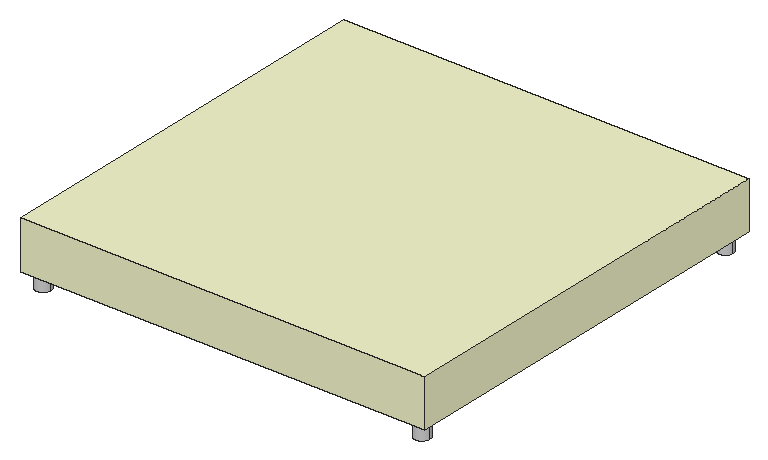
Revit family "Menhir-LivingDivani", category Furniture, Revit 2013
Parameters (values of type "Menhir 80x80x12.5")
  visib piedini tondi = not(Alto Basso)  # yes
  visib piedini quadri = (Alto Basso)  # no
  URL = "http://www.livingdivani.it"
  Model = "Menhir"
  Mat. Tessuto = Linen, Beige
  Mat. Struttura = Steel, Polished
  Manufacturer = "LivingDivani"
  Codice prodotto = "MENV080"
  altezza = if(Alto Basso, 31 cm, 12.5 cm)  # 12.5 cm
  Alto Basso = no
Types (3, lengths in cm): name | visib piedini tondi | visib piedini quadri | Codice prodotto | altezza | Alto Basso
  (no name) | yes | no | "MENV080" | 12.5 | no
  Menhir 80x80x12.5 | yes | no | "MENV080" | 12.5 | no
  Menhir 80x80x31 | no | yes | "MENV08031" | 31 | yes
Reference planes (cm)
  plane 1 "Centro (Fronte/Retro)": y = 0
  plane 2: z = 0
  plane 3 "Centro (Sinistra/Destra)": x = 0
  plane 4: z = 12.5
  plane 5: z = 3
Forms (cm)
  Extrusion 1, solid, material "Linen, Beige" <- "Mat. Tessuto"
    sketch origin (0, 0, 0) x (1, 0, 0) y (0, 1, 0)
      loop
        line (-40, 40) -> (-40, -40) -> (40, -40) -> (40, 40) -> (-40, 40)
    from 3 to 12.5
  Extrusion 2, solid, material "Steel, Polished" <- "Mat. Struttura"
    sketch origin (-0.0323, -0.0139, 0) x (1, 0, 0) y (0, 1, 0)
      loop
        circle (-37.4677, 37.5139) r 1.5
    from 0 to 3
  Extrusion 3, solid, material "Steel, Polished" <- "Mat. Struttura", visible <- "visib piedini tondi"
    sketch origin (-0.0323, -75.0139, 0) x (1, 0, 0) y (0, 1, 0)
      loop
        circle (-37.4677, 37.5139) r 1.5
    from 0 to 3
  Extrusion 4, solid, material "Steel, Polished" <- "Mat. Struttura", visible <- "visib piedini tondi"
    sketch origin (0.0323, -0.0139, 0) x (-1, 0, 0) y (0, -1, 0)
      loop
        circle (-37.4677, -37.5139) r 1.5
    from 0 to 3
  Extrusion 5, solid, material "Steel, Polished" <- "Mat. Struttura", visible <- "visib piedini tondi"
    sketch origin (0.0323, -75.0139, 0) x (-1, 0, 0) y (0, -1, 0)
      loop
        circle (-37.4677, -37.5139) r 1.5
    from 0 to 3
  Extrusion 6, solid, material "Linen, Beige" <- "Mat. Tessuto", visible <- "visib piedini quadri"
    sketch origin (0, 0, 0) x (1, 0, 0) y (0, 1, 0)
      loop
        line (-40, 40) -> (-40, 31.5) -> (-31.5, 31.5) -> (-31.5, 40) -> (-40, 40)
      loop
        line (40, 40) -> (31.5, 40) -> (31.5, 31.5) -> (40, 31.5) -> (40, 40)
      loop
        line (-40, -40) -> (-31.5, -40) -> (-31.5, -31.5) -> (-40, -31.5) -> (-40, -40)
      loop
        line (40, -40) -> (40, -31.5) -> (31.5, -31.5) -> (31.5, -40) -> (40, -40)
    from 0 to 3
Dimensions and locks (cm)
  locked: Extrusion 1 to Extrusion 1 at 9.5
  locked: plane 4 to plane 5 at 9.5
  "altezza": plane 4 to level
  aligned and locked: level to plane 2
  aligned and locked: Extrusion 1 to plane 4
  aligned and locked: Extrusion 6 to plane 5
Automatic sketch dimensions
  Extrusion 1 sketch curve to plane 3 "Centro (Sinistra/Destra)" = 40 cm
  plane 1 "Centro (Fronte/Retro)" to Extrusion 1 sketch curve = 40 cm
  plane 3 "Centro (Sinistra/Destra)" to Extrusion 1 sketch curve = 40 cm
  Extrusion 1 sketch curve to plane 1 "Centro (Fronte/Retro)" = 40 cm
  Extrusion 2 sketch curve to plane 3 "Centro (Sinistra/Destra)" = 37.5 cm
  Extrusion 2 sketch curve to plane 1 "Centro (Fronte/Retro)" = 37.5 cm
  Extrusion 3 sketch curve to plane 3 "Centro (Sinistra/Destra)" = 37.5 cm
  plane 1 "Centro (Fronte/Retro)" to Extrusion 3 sketch curve = 37.5 cm
  Extrusion 4 sketch curve to plane 3 "Centro (Sinistra/Destra)" = 37.5 cm
  plane 1 "Centro (Fronte/Retro)" to Extrusion 4 sketch curve = 37.5 cm
  Extrusion 5 sketch curve to plane 3 "Centro (Sinistra/Destra)" = 37.5 cm
  Extrusion 5 sketch curve to plane 1 "Centro (Fronte/Retro)" = 37.5 cm
  Extrusion 6 sketch curve to plane 3 "Centro (Sinistra/Destra)" = 40 cm  (x2)
  plane 1 "Centro (Fronte/Retro)" to Extrusion 6 sketch curve = 40 cm  (x2)
  Extrusion 6 sketch curve to Extrusion 6 sketch curve = 8.5 cm  (x8)
  plane 3 "Centro (Sinistra/Destra)" to Extrusion 6 sketch curve = 31.5 cm  (x2)
  Extrusion 6 sketch curve to plane 1 "Centro (Fronte/Retro)" = 31.5 cm  (x2)
  radius of Extrusion 2 sketch curve = 1.5 cm
  radius of Extrusion 3 sketch curve = 1.5 cm
  radius of Extrusion 4 sketch curve = 1.5 cm
  radius of Extrusion 5 sketch curve = 1.5 cm
